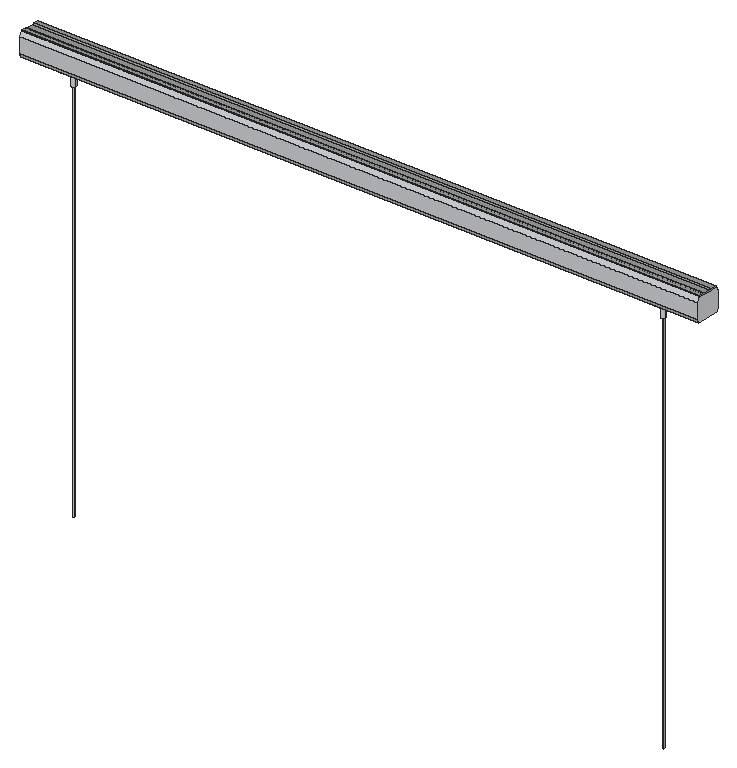
Revit family "0042524 Sylvania Lighting Fixture ISOLINE  1690MM 4K DASY 5C", category Lighting Fixtures, host Face, Revit 2018
Family settings
  Host = Face
  Round Connector Dimension = Use Diameter
  Part Type = Normal
  OmniClass Number = 23.80.70.00
  OmniClass Title = Lighting
  Cut with Voids When Loaded = No
  Light Source = Yes
  Shared = No
  Room Calculation Point = No
Parameters (values of type "0042524 ISOLINE  1690MM 4K DASY 5C")
  suspension height = 1000 mm
  spacer height = 5 mm
  spacer centres = 1000 mm
  height = 58.791 mm
  Width = 62 mm
  Weight = "n/a"
  Wattage Comments = ""
  Wattage = 9.2903 W
  WarrantyStartDate [instance] = "n/a"
  WarrantyGuarantorParts = "n/a"
  WarrantyDurationUnit = "n/a"
  WarrantyDurationParts = ""
  WarrantyDescription = "http://www.sylvania-lighting.com"
  built-in parameter 1150110 = 1 (stored number, unit not read)
  Voltage = 0 V
  URL = "0"
  TypeName = "ISOLINE  1690MM 4K DASY 5C"
  Type Image = <None>
  Type Comments = "n/a"
  built-in parameter 1114217 = 1 (stored number, unit not read)
  Tilt Angle = 90.00°
  built-in parameter 1150109 = 1 (stored number, unit not read)
  built-in parameter 1150134 = 3
  built-in parameter 1150113 = 1 (stored number, unit not read)
  SerialNumber [instance] = "n/a"
  Photometric Web File = "0042524.ies"
  Material_3_FEILO = none
  PowerFactor = 0
  PowerConsumption = "Lighting"
  NominalLength = 62 mm
  NominalHeight = 0 mm
  NominalDepth = 0 mm
  Name = "ISOLINE  1690MM 4K DASY 5C"
  ModelReference = Name  # "ISOLINE  1690MM 4K DASY 5C"
  ModelNumber = "0042524"
  Model = Name  # "ISOLINE  1690MM 4K DASY 5C"
  Material = "Feilo Sylvania"
  ManufacturerName = "145 lm/W"
  Manufacturer = ""
  LuminousEfficacy = ""
  built-in parameter 1150105 = 109.82 (stored number, unit not read)
  Lumens = 1380 lm
  LuminaireType = "0"
  built-in parameter 1150115 = 1 (stored number, unit not read)
  LightOutputRatio = "LED"
  built-in parameter 1150137 = (empty or 0)
  built-in parameter 1150139 = (empty or 0)
  Length = 1690 mm
  LampsType = Lamp  # "n/a"
  LampNominalLuminous = "4000 K"
  LampMacAdamStep = "80"
  LampColourTemperature = "LED"
  LampColourRenderingIndex = "16500"
  built-in parameter 1150112 = 1 (stored number, unit not read)
  built-in parameter 1150114 = 1 (stored number, unit not read)
  Lamp = "n/a"
  Keynote = "n/a"
  InstallationDate [instance] = "n/a"
  InputVoltage = "0"
  InputNominalFrequency = "4000"
  built-in parameter 1150132 = (empty or 0)
  built-in parameter 1150102 = (empty or 0)
  built-in parameter 1150107 = 3200 (stored number, unit not read)
  built-in parameter 1150138 = (empty or 0)
  IngressProtection = "IfcLightFixtureType"
  ImpactProtectionIndex = "IfcLightFixtureType"
  built-in parameter 1150106 = 1.0982 (stored number, unit not read)
  IfcExportType = "IfcLightFixtureType"
  IfcExportAs = "Class I"
  Height = 1000 mm
  ExpectedLife = 50000
  Emit from Circle Diameter = 609.6 mm
  Emit Shape Visible in Rendering = no
  ElectricShockClassification = "145"
  built-in parameter 1150104 = 13.8 (stored number, unit not read)
  DurationUnit = "hours"
  DocumentationLiterature = "http://www.sylvania-lighting.com/product/en-int/products/0042524"
  DimmingControlOptions = "n/a"
  Material_2_FEILO = none
  Dimming Lamp Color Temperature Shift = <None>
  Description = "Isoline LED linear luminaire for industrial and commercial applications. 1690 mm lenght with double asymmetrical optics provide homogenous light distribution for wide, shelf areas. Aluminium housing, RAL 9016. Max + 35 °C operating temperature range, 4000 K, CRI 80, UGR <25, 3 SDMC. 57 W power consumption, 8300 lm luminous flux, 145 lm/W efficacy, 1690 mm x 62 mm x 59 mm (L x W x H) dimensions, IP20, IK03, 220-240 V 50/60 Hz, Class I.Lifespan L70:B50 60,000 hours."
  Default Elevation = 1219.2 mm
  CreatedOn = "04/03/2021"
  CreatedBy = "@sylvania-lighting.com"
  Cost = 0
  Color Filter = 16777215
  built-in parameter 1114216 [instance] = (empty or 0)
  ClassificationValue = "EF_70_80"
  ClassificationName = "Uniclass2015"
  Material_1_FEILO = none
  BarCode [instance] = "n/a"
  built-in parameter 1114218 = 1 (stored number, unit not read)
  built-in parameter 1150133 = 10 (stored number, unit not read)
  AssetType = "Fixed"
  AssetIdentifier [instance] = "n/a"
  Assembly Code = "D5020200"
  Apparent Load = 57 VA
  Material_4_FEILO = none
Reference planes
  plane 1 "Center (Front/Back)": y = 0
  plane 2: z = 0
  plane 3 "Center (Left/Right)": x = 0
  plane 4: z = 0
  plane 5: z = 1000
  plane 6: y = 31
  plane 7: y = -31
  plane 8: x = -845
  plane 9: x = 845
  plane 10: x = -37.307
  plane 11: x = 55
  plane 12: z = 1058.791
  plane 13: z = 51
  plane 14: y = -27
  plane 15: y = 27
  plane 16: z = 12
  plane 17: y = -24.969
  plane 18: y = 25
  plane 19: y = 12
  plane 20: y = -12
  plane 21: z = 1.634
  plane 22: y = -8
  plane 23: y = 8
  plane 24: z = 995
  plane 25: y = 26.98
  plane 26: y = 16.98
  plane 27: y = -27.027
  plane 28: y = -17.004
  plane 29: z = 996.5
  plane 30: y = 26.002
  plane 31: y = -26.027
  plane 32: through (-1580, 7.965, 1219.2) normal (0.5391, 0.8423, 0)
  plane 33: through (-1555, 7.965, 1219.2) normal (0.5391, -0.8423, 0)
  plane 34: through (1555, 7.965, 1219.2) normal (0.5391, 0.8423, 0)
  plane 35: through (1580, 8, 1219.2) normal (0.5399, -0.8417, 0)
  plane 36: z = 1058.003
  plane 37: z = 1056.819
  plane 38: x = -735
  plane 39: x = 735
Forms (mm)
  Extrusion 1, solid, detail levels medium+fine
    sketch origin (-1690, -1523.717, -160.594) x (0, -1, -0.000261) y (0, 0.000261, -1)
      loop
        line (-1493, -1168.2) -> (-1497, -1160.2) -> (-1551, -1160.2) -> (-1555, -1168.2) -> (-1555, -1207.2) -> (-1549.109, -1218.982) -> (-1535.466, -1218.982) -> (-1532, -1217.566) -> (-1516, -1217.566) -> (-1512.511, -1218.991) -> (-1498.896, -1218.991) -> (-1493, -1207.2) -> (-1493, -1168.2)
    from 845 to 2535
  Extrusion 2, solid
    sketch origin (722.452, 1524, 1219.247) x (0, 1, 0) y (0, 0, 1)
      loop
        line (-1497.021, -219.189) -> (-1498.02, -219.189) -> (-1507.02, -223.699) -> (-1541.004, -223.699) -> (-1550.017, -219.203) -> (-1551.02, -219.203) -> (-1541.004, -224.2) -> (-1507.02, -224.2) -> (-1497.021, -219.189)
    from 0 to 25
  Extrusion 3, solid
    sketch origin (-747.495, 1524, 1219.189) x (0, 1, 0) y (0, 0, 1)
      loop
        line (-1497.021, -219.189) -> (-1498.02, -219.189) -> (-1507.02, -223.699) -> (-1541.004, -223.699) -> (-1550.017, -219.203) -> (-1551.02, -219.203) -> (-1541.004, -224.2) -> (-1507.02, -224.2) -> (-1497.021, -219.189)
    from 0 to 25
  Extrusion 4, solid
    sketch origin (836.384, 0, 0) x (1, 0, 0) y (0, 1, 0)
      loop
        circle (-1571.7, -0.035) r 5
    from 962.277 to 995
  Extrusion 5, solid
    sketch origin (2306.545, 0.065, 0) x (1, 0, 0) y (0, 1, 0)
      loop
        circle (-1571.7, -0.035) r 5
    from 962.277 to 995
  Extrusion 6, solid
    sketch origin (836.717, 0, 0) x (1, 0, 0) y (0, 1, 0)
      loop
        circle (-1571.7, -0.035) r 1.5
    from 0 to 962.277
  Extrusion 7, solid
    sketch origin (2306.663, 0.033, 0) x (1, 0, 0) y (0, 1, 0)
      loop
        circle (-1571.7, -0.035) r 1.5
    from 0 to 962.277
  Extrusion 8, solid, material "Glass, White, High Luminance", detail levels fine
    sketch origin (319, 1524, 1219.2) x (0, 1, 0) y (0, 0, 1)
      loop
        line (-1498.926, -160.099) -> (-1512.703, -160.099) -> (-1516.213, -161.534) -> (-1531.9, -161.534) -> (-1535.47, -160.114) -> (-1549.12, -160.114) -> (-1549.12, -161.197) -> (-1535.782, -161.197) -> (-1532.805, -162.381) -> (-1515.468, -162.381) -> (-1512.929, -161.197) -> (-1498.926, -161.197) -> (-1498.926, -160.099)
    from -1164 to 526
  Extrusion 9, solid, detail levels coarse
    sketch origin (319, 1524, 1219.2) x (0, 1, 0) y (0, 0, 1)
      loop
        line (-1493, -160.052) -> (-1555, -160.052) -> (-1555, -1219.2) -> (-1493, -1219.2) -> (-1493, -160.052)
    from -1164 to 526
Dimensions and locks
  "Width": plane 6 to plane 7
  equal spacing: plane 6, plane 1 "Center (Front/Back)", plane 7
  "Length": plane 8 to plane 9
  equal spacing: plane 8, plane 3 "Center (Left/Right)", plane 9
  "height": plane 12 to plane 5
  "suspension height": plane 5 to level
  aligned and locked: host face to plane 2
  aligned and locked: host face to level
Automatic sketch dimensions
  host sketch curve to host sketch curve = 3582.803 mm
  host sketch curve to host sketch curve = 2438.4 mm
  Extrusion 1 sketch curve to plane 25 = 0 mm
  Extrusion 1 sketch curve to plane 6 = 0.033 mm
  Extrusion 1 sketch curve to plane 12 = 11.778 mm
  Extrusion 1 sketch curve to Extrusion 1 sketch curve = 4 mm  (x2)
  Extrusion 1 sketch curve to Extrusion 1 sketch curve = 5.891 mm
  Extrusion 1 sketch curve to Extrusion 1 sketch curve = 13.643 mm
  Extrusion 1 sketch curve to Extrusion 1 sketch curve = 3.466 mm
  Extrusion 1 sketch curve to Extrusion 1 sketch curve = 16 mm
  Extrusion 1 sketch curve to Extrusion 1 sketch curve = 3.489 mm
  Extrusion 1 sketch curve to Extrusion 1 sketch curve = 13.615 mm
  Extrusion 1 sketch curve to Extrusion 1 sketch curve = 54 mm
  Extrusion 1 sketch curve to Extrusion 1 sketch curve = 47 mm
  Extrusion 1 sketch curve to Extrusion 1 sketch curve = 10.366 mm
  Extrusion 1 sketch curve to Extrusion 1 sketch curve = 1.425 mm
  Extrusion 1 sketch curve to Extrusion 1 sketch curve = 11.782 mm
  Extrusion 1 sketch curve to Extrusion 1 sketch curve = 8 mm  (x2)
  Extrusion 2 sketch curve to plane 28 = 0 mm  (x2)
  Extrusion 2 sketch curve to plane 26 = 0 mm  (x2)
  plane 5 to Extrusion 2 sketch curve = 0.058 mm
  Extrusion 2 sketch curve to plane 31 = 0.01 mm
  Extrusion 2 sketch curve to plane 27 = 0.007 mm
  plane 30 to Extrusion 2 sketch curve = 0.022 mm
  plane 25 to Extrusion 2 sketch curve = 0.001 mm
  plane 5 to Extrusion 2 sketch curve = 0.044 mm
  plane 24 to Extrusion 2 sketch curve = 0.547 mm
  plane 24 to Extrusion 2 sketch curve = 0.047 mm
  Extrusion 3 sketch curve to plane 28 = 0 mm  (x2)
  Extrusion 3 sketch curve to plane 26 = 0 mm  (x2)
  Extrusion 3 sketch curve to plane 5 = 0 mm
  Extrusion 3 sketch curve to plane 31 = 0.01 mm
  Extrusion 3 sketch curve to plane 27 = 0.007 mm
  plane 30 to Extrusion 3 sketch curve = 0.022 mm
  plane 25 to Extrusion 3 sketch curve = 0.001 mm
  Extrusion 3 sketch curve to plane 5 = 0.014 mm
  plane 24 to Extrusion 3 sketch curve = 0.489 mm
  Extrusion 3 sketch curve to plane 24 = 0.011 mm
  plane 32 to Extrusion 4 sketch curve = 448.592 mm
  plane 33 to Extrusion 4 sketch curve = 448.592 mm
  Extrusion 5 sketch curve to plane 1 "Center (Front/Back)" = 0.029 mm
  plane 32 to Extrusion 6 sketch curve = 448.771 mm
  plane 33 to Extrusion 6 sketch curve = 448.771 mm
  plane 1 "Center (Front/Back)" to Extrusion 7 sketch curve = 0.002 mm
  Extrusion 8 sketch curve to plane 36 = 0 mm  (x2)
  Extrusion 8 sketch curve to plane 37 = 0 mm
  plane 17 to Extrusion 8 sketch curve = 0.151 mm
  Extrusion 8 sketch curve to plane 20 = 0.218 mm
  plane 12 to Extrusion 8 sketch curve = 0.295 mm
  Extrusion 8 sketch curve to plane 20 = 0.53 mm
  plane 22 to Extrusion 8 sketch curve = 0.805 mm
  Extrusion 8 sketch curve to plane 22 = 0.1 mm
  plane 23 to Extrusion 8 sketch curve = 0.213 mm
  Extrusion 8 sketch curve to plane 23 = 0.532 mm
  plane 19 to Extrusion 8 sketch curve = 0.929 mm
  Extrusion 8 sketch curve to plane 18 = 0.074 mm
  plane 37 to Extrusion 8 sketch curve = 0.848 mm
  plane 19 to Extrusion 8 sketch curve = 0.703 mm
  plane 12 to Extrusion 8 sketch curve = 0.31 mm
  Extrusion 9 sketch curve to plane 7 = 0 mm
  Extrusion 9 sketch curve to plane 6 = 0 mm
  Extrusion 9 sketch curve to plane 29 = 996.5 mm
  plane 12 to Extrusion 9 sketch curve = 0.357 mm
  Extrusion 5 sketch curve to plane 39 = 0.155 mm
  Extrusion 7 sketch curve to plane 39 = 0.037 mm
  radius of Extrusion 4 sketch curve = 5 mm
  radius of Extrusion 5 sketch curve = 5 mm
  radius of Extrusion 6 sketch curve = 1.5 mm
  radius of Extrusion 7 sketch curve = 1.5 mm
Connectors
  electrical at (0, -0.02, 1000.004)
    settings: on Extrusion 1, index 1, voltage 0 V, apparent load 0 VA, apparent load phase1 0 VA, apparent load phase2 0 VA, apparent load phase3 0 VA, power factor 1, load classification "Other", number of poles 1, system type 31, power factor state 1, is connector primary yes, connector utility no, sub classification motor no, connector description ""
